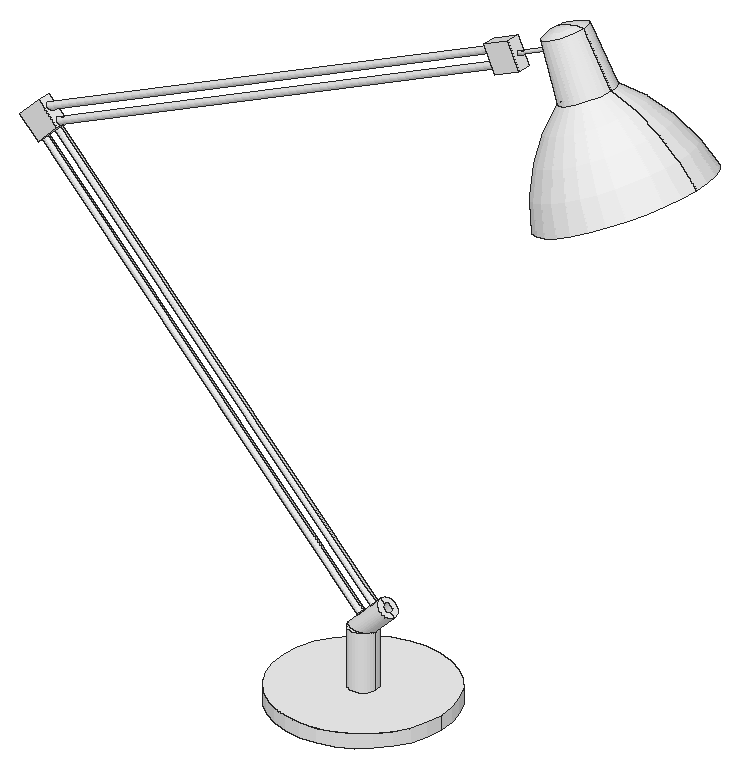
Revit family
Parameters (values of type "60 watt Incandescent")
  Wattage = 7.27067 W
  built-in parameter 1150110 = 1 (stored number, unit not read)
  built-in parameter 1114217 = 1 (stored number, unit not read)
  built-in parameter 1150109 = 1 (stored number, unit not read)
  built-in parameter 1150134 = 3
  built-in parameter 1150113 = 1 (stored number, unit not read)
  built-in parameter 1150105 = 85.944 (stored number, unit not read)
  built-in parameter 1150115 = 1 (stored number, unit not read)
  Light Source Symbol Size = 609.6 mm
  built-in parameter 1150137 = (empty or 0)
  built-in parameter 1150139 = (empty or 0)
  built-in parameter 1150112 = 1 (stored number, unit not read)
  built-in parameter 1150114 = 1 (stored number, unit not read)
  Lamp = "A-19"
  Lumens = 1080 lm
  Material Shade = Metal - Chrome
  Material Stand = Metal - Chrome
  Wattage Comments = "60"
  Keynote = "V"
  built-in parameter 1150132 = 2
  built-in parameter 1150102 = (empty or 0)
  built-in parameter 1150107 = 3200 (stored number, unit not read)
  built-in parameter 1150138 = (empty or 0)
  built-in parameter 1150106 = 0.85944 (stored number, unit not read)
  built-in parameter 1150104 = 13.8 (stored number, unit not read)
  Dimming Lamp Color Temperature Shift = (empty or 0)
  Color Filter = 16777215
  built-in parameter 1114218 = 1 (stored number, unit not read)
  built-in parameter 1150133 = 10 (stored number, unit not read)
Types (3, lengths in mm): name | Wattage | built-in parameter 1150105 | Lamp | Lumens | Wattage Comments | built-in parameter 1150106
  (no name) | 7.27067 W | 85.944 (stored number, unit not read) | "A-19" | 1080 lm | "60" | 0.85944 (stored number, unit not read)
  100 watt Incandescent | 12.1178 W | 143.24 (stored number, unit not read) | "A-21" | 1800 lm | "100" | 1.4324 (stored number, unit not read)
  60 watt Incandescent | 7.27067 W | 85.944 (stored number, unit not read) | "A-19" | 1080 lm | "60" | 0.85944 (stored number, unit not read)
Reference planes
  plane 1 "Light Source Axis": y = 0
  plane 2: z = 0
  plane 3: through (-31.75, 0, 31.75) normal (-0.7071, 0, 0.7071)
  plane 4: through (34.245, 0, 34.245) normal (0.7071, 0, 0.7071)
  plane 5: through (52.205, 0, 52.205) normal (0.7071, 0, 0.7071)
  plane 6: through (48.637, 0, 48.637) normal (0.7071, 0, 0.7071)
  plane 7: through (-213.455, 0, 457.757) normal (0.4226, 0, -0.9063)
  plane 8: through (-210.772, 0, 452.002) normal (0.4226, 0, -0.9063)
  plane 9: through (-206.746, 0, 443.369) normal (0.4226, 0, -0.9063)
  plane 10: through (-204.063, 0, 437.614) normal (0.4226, 0, -0.9063)
  plane 11: through (-208.371, 0, 446.853) normal (0.4226, 0, -0.9063)
  plane 12: through (363.488, 0, 169.497) normal (0.9063, 0, 0.4226)
  plane 13: through (455.569, 0, 212.435) normal (0.9063, 0, 0.4226)
  plane 14: through (392.263, 0, 182.915) normal (0.9063, 0, 0.4226)
  plane 15: through (426.793, 0, 199.017) normal (0.9063, 0, 0.4226)
  plane 16: through (-177.757, 0, 381.201) normal (0.4226, 0, -0.9063)
  plane 17 "Light Source Axis": x = 228.6
  plane 18 "Light Source Elevation": z = 546.1
Forms (mm)
  Extrusion 1, solid, material "Metal - Chrome" <- "Material Stand"
    sketch origin (0, 0, 0) x (1, 0, 0) y (0, 1, 0)
      loop
        circle (0, 0) r 76.2
    from 0 to 12.7
  Revolve 2, solid, material "Metal - Chrome" <- "Material Stand"
    sketch origin (0, 0, 0) x (1, 0, 0) y (0, 0, 1)
      loop
        line (-12.7, 12.7) -> (0, 12.7) -> (0, 63.5) -> (-12.7, 63.5) -> (-12.7, 12.7)
      axis (0, 63.5) -> (0, 12.7)
    angle from 0 to 360
  Revolve 3, solid, material "Metal - Chrome" <- "Material Stand"
    sketch origin (0, 0, 0) x (1, 0, 0) y (0, 0, 1)
      loop
        line (-12.7, 63.5) -> (-5.965, 63.5) -> (20.976, 90.441) -> (17.608, 93.808) -> (-12.7, 63.5)
      axis (-6.35, 57.15) -> (23.958, 87.458)
    angle from 0 to 360
  Revolve 4, solid, material "Metal - Chrome" <- "Material Stand"
    sketch origin (0, 0, 0) x (1, 0, 0) y (0, 0, 1)
      loop
        line (-4.218, 72.707) -> (-1.973, 74.952) -> (-325.262, 398.241) -> (-327.507, 395.996) -> (-4.218, 72.707)
      axis (-1.973, 74.952) -> (-325.262, 398.241)
    angle from 0 to 360
  Revolve 5, solid, material "Metal - Chrome" <- "Material Stand"
    sketch origin (0, 0, 0) x (1, 0, 0) y (0, 0, 1)
      loop
        line (10.537, 86.737) -> (12.782, 88.982) -> (-310.596, 412.36) -> (-312.841, 410.115) -> (10.537, 86.737)
      axis (10.537, 86.737) -> (-312.841, 410.115)
    angle from 0 to 360
  Extrusion 6, solid, material "Metal - Chrome" <- "Material Stand"
    sketch origin (0, 0, 0) x (1, 0, 0) y (0, 0, 1)
      loop
        line (-327.507, 395.996) -> (-309.546, 378.036) -> (-291.586, 395.996) -> (-309.546, 413.957) -> (-327.507, 395.996)
    from -6.35 to 6.35
  Revolve 7, solid, material "Metal - Chrome" <- "Material Stand"
    sketch origin (0, 0, 0) x (1, 0, 0) y (0, 0, 1)
      loop
        line (-304.081, 408.491) -> (133.304, 612.447) -> (132.043, 615.151) -> (-306.326, 410.736) -> (-304.081, 408.491)
      axis (-305.065, 408.032) -> (133.304, 612.447)
    angle from 0 to 360
  Revolve 8, solid, material "Metal - Chrome" <- "Material Stand"
    sketch origin (0, 0, 0) x (1, 0, 0) y (0, 0, 1)
      loop
        line (-294.421, 395.479) -> (142.963, 599.435) -> (141.621, 602.312) -> (-295.763, 398.357) -> (-294.421, 395.479)
      axis (-295.763, 398.357) -> (141.621, 602.312)
    angle from 0 to 360
  Extrusion 9, solid, material "Metal - Chrome" <- "Material Stand"
    sketch origin (0, 0, 0) x (1, 0, 0) y (0, 0, 1)
      loop
        line (145.184, 624.993) -> (122.393, 614.366) -> (133.128, 591.345) -> (155.919, 601.973) -> (145.184, 624.993)
    from -6.35 to 6.35
  Revolve 10, solid, material "Metal - Chrome" <- "Material Stand"
    sketch origin (0, 0, 0) x (1, 0, 0) y (0, 0, 1)
      loop
        line (150.269, 614.089) -> (184.799, 630.191) -> (184.128, 631.629) -> (149.598, 615.528) -> (150.269, 614.089)
      axis (184.799, 630.191) -> (150.269, 614.089)
    angle from 0 to 360
  Revolve 11, solid, material "Metal - Chrome" <- "Material Shade"
    sketch origin (0, 0, 0) x (1, 0, 0) y (0, 0, 1)
      loop
        line (178.154, 640.434) -> (195.93, 591.596)
        arc (195.93, 591.596) -> (182.483, 542.231) -> (186.135, 491.198) r 152.38
        line (186.135, 491.198) -> (188.244, 491.966)
        arc (188.244, 491.966) -> (184.97, 543.239) -> (198.922, 592.685) r 152.38
        line (198.922, 592.685) -> (181.547, 640.422)
        arc (181.547, 640.422) -> (186.883, 646.929) -> (194.24, 651.014) r 22.437
        line (194.24, 651.014) -> (193.262, 653.111)
        arc (193.262, 653.111) -> (184.705, 647.968) -> (178.154, 640.434) r 31.933
      axis (193.89, 653.404) -> (254.716, 522.962)
    angle from 0 to 360
Lines and regions (mm)
  symbolic lines
    curve 1: arc (76.2, 0, 0) -> (0, 76.2, 0) -> (-76.2, 0, 0) r 76.2
    curve 2: arc (-76.2, 0, 0) -> (0, -76.2, 0) -> (76.2, 0, 0) r 76.2
    curve 3: arc (330.405, 0, 0) -> (254.205, 76.2, 0) -> (178.005, 0, 0) r 76.2
    curve 4: arc (178.005, 0, 0) -> (254.205, -76.2, 0) -> (330.405, 0, 0) r 76.2
    curve 5: arc (12.7, 0, 0) -> (0, 12.7, 0) -> (-12.7, 0, 0) r 12.7
    curve 6: arc (-12.7, 0, 0) -> (0, -12.7, 0) -> (12.7, 0, 0) r 12.7
    curve 7: line (-291.586, 0, 0) -> (178.005, 0, 0)
    curve 8: line (-327.507, 6.35, 0) -> (-291.586, 6.35, 0)
    curve 9: line (-327.507, 6.35, 0) -> (-327.507, -6.35, 0)
    curve 10: line (-327.507, -6.35, 0) -> (-291.586, -6.35, 0)
    curve 11: line (-291.586, 6.35, 0) -> (-291.586, -6.35, 0)
Dimensions and locks
  aligned and locked: imposter light to plane 17 "Light Source Axis"
  aligned and locked: plane 1 "Light Source Axis" to imposter light
  aligned and locked: plane 18 "Light Source Elevation" to imposter light
